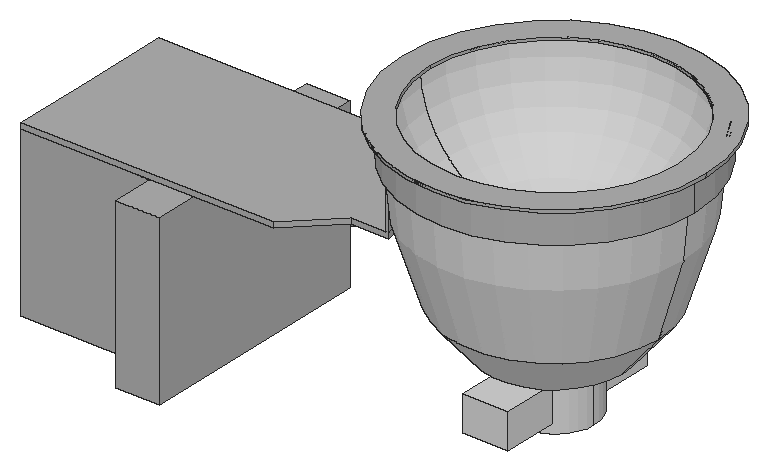
Revit family "RLC6FL", category Lighting Fixtures, host Face, Revit 2014
Parameters (values of type "RLC6")
  Wattage Comments = "17W - 42W"  # constant formula
  Wattage = 17 W
  built-in parameter 1150110 = 1 (stored number, unit not read)
  Voltage = 120 V
  URL = "https://www.hubbell.com/prescolite/en/"
  built-in parameter 1114217 = 1 (stored number, unit not read)
  Tilt Angle = -90.00°  # constant formula
  built-in parameter 1150109 = 1 (stored number, unit not read)
  built-in parameter 1150134 = (empty or 0)
  built-in parameter 1150113 = 1 (stored number, unit not read)
  Product Page URL = "https://www.hubbell.com/prescolite/en/Products/Lighting-Controls/Commercial-Indoor-Lighting/Recessed-Downlights/RLC6/p/213017"
  Product Documentation Link = "https://hubbellcdn.com/specsheet/rtf_026.pdf"
  Photometric Web Link = "https://www.hubbell.com/prescolite/en/Products/Lighting-Controls/Commercial-Indoor-Lighting/Recessed-Downlights/RLC6/p/213017#prod-resources-section"
  Photometric Web File = "RLC6LED120_6LCLED535K8.IES"
  Model = "RLC6FL"  # constant formula
  Manufacturer = "Prescolite"  # constant formula
  built-in parameter 1150105 = 200.95 (stored number, unit not read)
  Lumens = 2525.21 lm
  built-in parameter 1150115 = 1 (stored number, unit not read)
  Load Classification = Lighting
  built-in parameter 1150137 = (empty or 0)
  built-in parameter 1150139 = (empty or 0)
  built-in parameter 1150112 = 1 (stored number, unit not read)
  built-in parameter 1150114 = 1 (stored number, unit not read)
  Lamp = "LED"
  Input Watts = 17 W
  built-in parameter 1150132 = (empty or 0)
  built-in parameter 1150102 = (empty or 0)
  built-in parameter 1150107 = 3500 (stored number, unit not read)
  built-in parameter 1150138 = (empty or 0)
  built-in parameter 1150106 = 2.0095 (stored number, unit not read)
  Housing = Hubbell - Steel
  Reflector = Hubbell - Aluminum
  Emit from Circle Diameter = 6"  # constant formula
  Emit Shape Visible in Rendering = no
  built-in parameter 1150104 = 13.8 (stored number, unit not read)
  Dimming Lamp Color Temperature Shift = <None>
  Description = "Retroficient is designed specifically to retrofit into ceilings with existing recessed downlight fixtures"  # constant formula
  Default Elevation = 48"
  Color Filter = 16777215
  built-in parameter 1114218 = 1 (stored number, unit not read)
  built-in parameter 1150133 = 10 (stored number, unit not read)
  Application = "Education,Healthcare,Hospitality,Office,Lobby,Conference Room,Classroom,Waiting Room,Auditorium,Guest Room,Dining Area"  # constant formula
  Apparent Load = 0 VA
Reference planes (in)
  plane 1 "Center (Front/Back)": y = 0
  plane 2: z = 0
  plane 3 "Center (Left/Right)": x = 0
  plane 4: x = -7.5
  plane 5: x = 3.25
  plane 6: z = -3
  plane 7: x = 0.0625
  plane 8: z = -0.8125
  plane 9: z = -7
  plane 10: z = -3.125
  plane 11: x = -3.5
  plane 12: z = 0.0625
  plane 13: y = 1.99568
  plane 14: y = -1.99568
  plane 15: z = 0.1875
Forms (in)
  Extrusion 1, solid, material "Hubbell - Steel" <- "Housing"
    sketch origin (0, 0, 0) x (1, 0, 0) y (0, 1, 0)
      loop
        circle (3.25, 0) r 3.5
      loop
        circle (3.25, 0) r 2.875
    from 0 to 0.0625
  Revolve 2, solid, material "Hubbell - Aluminum" <- "Reflector"
    sketch origin (0, 0, -0.13258) x (1, 0, 0) y (0, 0, 1)
      loop
        line (2.33194, -4.6137) -> (2.33194, -5.89836) -> (3.25, -5.89836) -> (3.25, -2.26333) -> (1.92975, -2.26333)
        arc (1.92975, -2.26333) -> (0.62541, -1.36802) -> (0.1243, 0.13258) r 2.48854
        line (0.1243, 0.13258) -> (0.0618, 0.13258)
        arc (0.0618, 0.13258) -> (0.25863, -1.77741) -> (0.84514, -3.60573) r 9.2597
        line (0.84514, -3.60573) -> (1.68113, -4.6137) -> (2.33194, -4.6137)
      axis (3.25, 0.13258) -> (3.25, -5.89836)
    angle from 0 to 360
  Extrusion 3, solid, material "Hubbell - Steel" <- "Housing"
    sketch origin (0, 0, 0) x (1, 0, 0) y (0, 1, 0)
      loop
        line (0.22342, 1) -> (-0.65625, 1) -> (-1.65193, 1.99568) -> (-7.5, 1.99568) -> (-7.5, 0) -> (-7.5, -1.99568) -> (-1.65193, -1.99568) -> (-0.65625, -1) -> (0.22342, -1)
        arc (0.22342, -1) -> (0.0625, 0) -> (0.22342, 1) r 3.1875
    from -3.125 to -3
  Extrusion 4, solid, material "Hubbell - Steel" <- "Housing"
    sketch origin (0, 0, 0) x (1, 0, 0) y (0, 1, 0)
      loop
        line (-7.5, 1.99568) -> (-7.5, -1.99568) -> (-3.5, -1.99568) -> (-3.5, 1.99568) -> (-7.5, 1.99568)
    from -3.125 to -7
  Revolve 5, solid, material "Hubbell - Steel" <- "Housing"
    sketch origin (0, 0, 0) x (1, 0, 0) y (0, 0, 1)
      loop
        line (0, 0) -> (0, -0.8125) -> (0.0625, -0.8125) -> (0.0625, 0) -> (0, 0)
      axis (3.25, 0) -> (3.25, -0.8125)
    angle from 0 to 360
  Extrusion 6, solid, material "Hubbell - Steel" <- "Housing"
    sketch origin (1.38379, -180, 0) x (0, -1, 0) y (1, 0, 0)
      loop
        line (-179, -1.22612) -> (-179, -1.16036)
        arc (-179, -1.16036) -> (-180, -1.32129) -> (-181, -1.16036) r 3.1875
        line (-181, -1.16036) -> (-181, -1.22612)
        arc (-181, -1.22612) -> (-180, -1.38379) -> (-179, -1.22612) r 3.25
    from -3.125 to -0.8125
  Extrusion 7, void
    sketch origin (1.38379, -180, 0) x (0, -1, 0) y (1, 0, 0)
      loop
        circle (-180, 1.86621) r 3.25
    from 0 to -3.125
  Extrusion 8, solid, material "Hubbell - Aluminum" <- "Reflector"
    sketch origin (-0.08637, 0, 0) x (1, 0, 0) y (0, 0, 1)
      loop
        line (2.81039, -5.02709) -> (2.81039, -5.82143) -> (3.86235, -5.82143) -> (3.86235, -5.02709) -> (2.81039, -5.02709)
    from -1.99568 to 1.99568
  Sweep 9, solid, material "Hubbell - Steel" <- "Housing"
    path origin (0, -4.80623, -5.64998) x (0, -1, 0) y (1, 0, 0)
      loop
        spline (-6.68312, -4.17701) -> (-7.66243, -3.4099) -> (-8.30799, -2.5833) -> (-8.6766, -1.72524) -> (-8.82504, -0.86373) -> (-8.81009, -0.0268) -> (-8.68853, 0.75755) -> (-8.50955, 1.46236) -> (-8.25922, 2.0696) -> (-7.8924, 2.5656) -> (-7.36372, 2.93674) -> (-6.62782, 3.16942) -> (-5.63933, 3.25)
    profile origin (0.75755, 3.88231, -5.64998) x (0.203884, 0.978995, 0) y (0, 0, 1)
      loop
        circle (0, 0) r 0.13761
  Extrusion 10, solid, material "Hubbell - Steel" <- "Housing"
    sketch origin (1.38379, -180, 0) x (0, -1, 0) y (1, 0, 0)
      loop
        line (-182.52581, -4.88379) -> (-182.52581, -5.88379) -> (-177.02581, -5.88379) -> (-177.02581, -4.88379) -> (-182.52581, -4.88379)
    from -7 to -3.125
Cuts and joins
  joined: Extrusion 1, Extrusion 3, Revolve 5, Extrusion 6
  joined: Extrusion 4, Extrusion 10
Dimensions and locks (in)
  locked: plane 4 to plane 3 "Center (Left/Right)" at 7.5
  locked: plane 4 to plane 5 at 10.75
  locked: plane 1 "Center (Front/Back)" to Extrusion 3 sketch curve at 1
  Extrusion 3 sketch curve to plane 1 "Center (Front/Back)" = 1"
  locked: plane 7 to plane 3 "Center (Left/Right)" at 0.0625
  locked: plane 2 to plane 9 at 7
  plane 2 to plane 6 = 3"
  locked: plane 6 to plane 10 at 0.125
  locked: plane 11 to plane 4 at 4
  locked: plane 12 to plane 2 at 0.0625
  equal spacing: plane 14, plane 1 "Center (Front/Back)", plane 13, locked at 1.99568 each
  locked: plane 15 to plane 12 at 0.125
  aligned and locked: Revolve 2 sketch curve to plane 5  (x2)
  aligned and locked: plane 6 to Extrusion 3
  aligned and locked: Revolve 5 sketch curve to plane 3 "Center (Left/Right)"
  aligned and locked: plane 7 to Revolve 5 sketch curve
  aligned and locked: plane 8 to Revolve 5 sketch curve
  aligned and locked: Extrusion 3 to plane 10
  aligned and locked: Extrusion 4 to Extrusion 3
  aligned and locked: plane 11 to Extrusion 4
  aligned and locked: cut or joined group of Extrusion 1, Extrusion 3, Revolve 5, Extrusion 6 to Extrusion 6
  aligned and locked: imposter light to plane 1 "Center (Front/Back)"
  aligned and locked: host face to cut or joined group of Extrusion 1, Extrusion 3, Revolve 5, Extrusion 6
  aligned and locked: cut or joined group of Extrusion 1, Extrusion 3, Revolve 5, Extrusion 6 to Extrusion 7
  aligned and locked: plane 12 to Extrusion 1
  aligned and locked: Extrusion 1 to plane 2
  aligned and locked: Revolve 2 sketch curve to plane 2
  aligned and locked: Revolve 5 sketch curve to plane 2
  aligned and locked: Extrusion 6 to Revolve 5
  aligned and locked: Extrusion 8 to Extrusion 4
  aligned and locked: Extrusion 4 to Extrusion 8
  aligned and locked: cut or joined group of Extrusion 1, Extrusion 3, Revolve 5, Extrusion 6 to plane 14
  aligned and locked: cut or joined group of Extrusion 1, Extrusion 3, Revolve 5, Extrusion 6 to plane 13
  aligned and locked: imposter light to plane 15
  aligned and locked: Extrusion 10 to Extrusion 4
  aligned and locked: Extrusion 4 to Extrusion 10
Automatic sketch dimensions
  host sketch curve to host sketch curve = 96"  (x2)
  Extrusion 1 sketch curve to Extrusion 1 sketch curve = 0"  (x2)
  plane 1 "Center (Front/Back)" to Extrusion 1 sketch curve = 0"
  Extrusion 1 sketch curve to plane 5 = 0"
  Revolve 2 sketch curve to level = 0.00295"
  Revolve 2 sketch curve to plane 5 = 0.63715"
  Revolve 2 sketch curve to plane 5 = 0.91806"
  plane 6 to Revolve 2 sketch curve = 0.60409"
  Revolve 2 sketch curve to Revolve 2 sketch curve = 1.32025"
  Revolve 2 sketch curve to Revolve 2 sketch curve = 0.65081"
  plane 3 "Center (Left/Right)" to Revolve 2 sketch curve = 0.84514"
  plane 3 "Center (Left/Right)" to Revolve 2 sketch curve = 0.0618"
  Revolve 2 sketch curve to level = 0.01091"
  plane 5 to Revolve 2 sketch curve = 6.0715"
  Revolve 2 sketch curve to Revolve 2 sketch curve = 1.00797"
  plane 9 to Revolve 2 sketch curve = 0.96906"
  Revolve 2 sketch curve to plane 9 = 3.88258"
  plane 12 to Revolve 2 sketch curve = 1.30492"
  Extrusion 3 sketch curve to plane 4 = 0"
  plane 13 to Extrusion 3 sketch curve = 0"
  Extrusion 3 sketch curve to plane 14 = 0"
  plane 1 "Center (Front/Back)" to Extrusion 3 sketch curve = 0"  (x2)
  Extrusion 3 sketch curve to plane 5 = 0"
  Extrusion 3 sketch curve to plane 3 "Center (Left/Right)" = 1.65193"  (x2)
  Extrusion 3 sketch curve to plane 3 "Center (Left/Right)" = 21/32"  (x2)
  plane 3 "Center (Left/Right)" to Extrusion 3 sketch curve = 0.22342"
  Extrusion 4 sketch curve to plane 4 = 0"
  Extrusion 4 sketch curve to plane 11 = 0"
  Extrusion 4 sketch curve to plane 14 = 0"
  plane 13 to Extrusion 4 sketch curve = 0"
  Revolve 5 sketch curve to plane 5 = 0"
  Revolve 5 sketch curve to plane 10 = 0.42176"
  plane 12 to Revolve 5 sketch curve = 2 9/16"
  Extrusion 6 sketch curve to Extrusion 6 sketch curve = 0"  (x2)
  plane 1 "Center (Front/Back)" to Extrusion 6 sketch curve = 0"
  Extrusion 6 sketch curve to plane 5 = 0"
  plane 3 "Center (Left/Right)" to Extrusion 6 sketch curve = 0.22342"
  plane 13 to Extrusion 6 sketch curve = 0.99568"
  plane 3 "Center (Left/Right)" to Extrusion 6 sketch curve = 0.15767"
  plane 1 "Center (Front/Back)" to Extrusion 6 sketch curve = 1"
  plane 1 "Center (Front/Back)" to Extrusion 7 sketch curve = 0"
  Extrusion 7 sketch curve to plane 5 = 0"
  Extrusion 8 sketch curve to plane 5 = 0.52598"
  plane 5 to Extrusion 8 sketch curve = 0.52598"
  plane 9 to Extrusion 8 sketch curve = 1.17857"
  Extrusion 8 sketch curve to Extrusion 8 sketch curve = 0.79434"
  Sweep 9 sketch curve to plane 5 = 0"
  Sweep 9 sketch curve to plane 1 "Center (Front/Back)" = 1.8769"
  plane 14 to Sweep 9 sketch curve = 2.82878"
  Sweep 9 sketch curve to plane 11 = 0.67701"
  Sweep 9 sketch curve to profile plane = 0"  (x2)
  Extrusion 10 sketch curve to plane 11 = 0"
  Extrusion 10 sketch curve to plane 13 = 0.53012"
  Extrusion 10 sketch curve to plane 14 = 0.97851"
  Extrusion 10 sketch curve to plane 11 = 1"
  radius of Extrusion 1 sketch curve = 3 1/2"
  radius of Extrusion 1 sketch curve = 2 7/8"
  radius of Extrusion 7 sketch curve = 3 1/4"
  radius of Sweep 9 sketch curve = 0.13761"
Connectors (in)
  electrical at (-5.5, 0, -7), driven by "Voltage", driven by "Apparent Load", driven by "Load Classification"
    settings: on Extrusion 4, index 1, voltage 120 V, apparent load 0 VA, apparent load phase1 0 VA, apparent load phase2 0 VA, apparent load phase3 0 VA, power factor 1, load classification "Lighting", number of poles 1, system type 30, power factor state 1, is connector primary yes, connector utility no, sub classification motor no, connector description "Electrical Connector"
